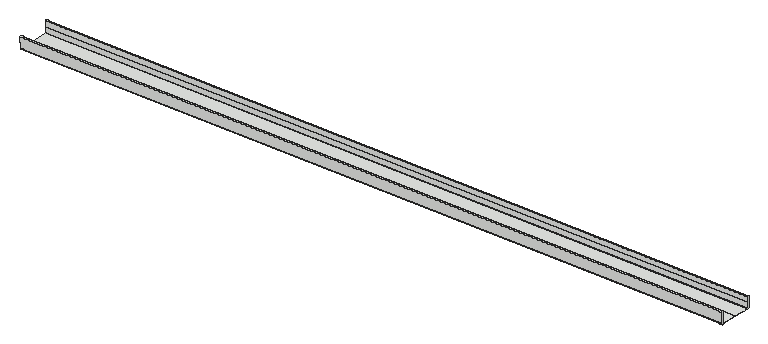
Revit family "profiles PR26 2015", category Generic Models, Revit 2015
Parameters (values of type "ISOLAMI PR26 flashing")
  Profile Length [instance] = 1180 mm
Reference planes
  plane 1 "Center (Front/Back)": y = 0
  plane 2: z = 0
  plane 3 "Center (Left/Right)": x = 0
  plane 4: x = 1180
Forms (mm)
  Extrusion 1, solid, material "ISOLAMIN Surface Material"
    sketch origin (0, 19.077, -17.458) x (0, 1, 0) y (0, 0, 1)
      loop
        line (-21.088, 28.162) -> (-20.088, 28.162) -> (-20.088, 18.462) -> (-21.107, 18.462) -> (-45.348, 18.462) -> (-73.087, 18.462) -> (-73.087, 28.162) -> (-72.087, 28.162) -> (-72.087, 36.718)
        arc (-72.087, 36.718) -> (-73.087, 37.462) -> (-74.087, 36.718) r 1.044
        line (-74.087, 36.718) -> (-74.087, 18.462)
        arc (-74.087, 18.462) -> (-73.794, 17.755) -> (-73.087, 17.462) r 1
        line (-73.087, 17.462) -> (-45.348, 17.462) -> (-20.088, 17.462)
        arc (-20.088, 17.462) -> (-19.381, 17.755) -> (-19.088, 18.462) r 1
        line (-19.088, 18.462) -> (-19.088, 36.718)
        arc (-19.088, 36.718) -> (-20.088, 37.462) -> (-21.088, 36.718) r 1.044
        line (-21.088, 36.718) -> (-21.088, 28.162)
    from 0 to 1180
Dimensions and locks
  "Profile Length": plane 3 "Center (Left/Right)" to plane 4
  aligned and locked: level to plane 2
  aligned and locked: plane 4 to Extrusion 1
Automatic sketch dimensions
  plane 1 "Center (Front/Back)" to Extrusion 1 sketch curve = 2.01 mm
  Extrusion 1 sketch curve to Extrusion 1 sketch curve = 1 mm  (x4)
  Extrusion 1 sketch curve to Extrusion 1 sketch curve = 8.556 mm  (x2)
  Extrusion 1 sketch curve to Extrusion 1 sketch curve = 9.7 mm  (x2)
  Extrusion 1 sketch curve to Extrusion 1 sketch curve = 25.26 mm
  level to Extrusion 1 sketch curve = 1.004 mm
  Extrusion 1 sketch curve to Extrusion 1 sketch curve = 1.02 mm
  Extrusion 1 sketch curve to Extrusion 1 sketch curve = 27.74 mm
  Extrusion 1 sketch curve to Extrusion 1 sketch curve = 0 mm  (x6)
  Extrusion 1 sketch curve to Extrusion 1 sketch curve = 0.3 mm  (x2)
